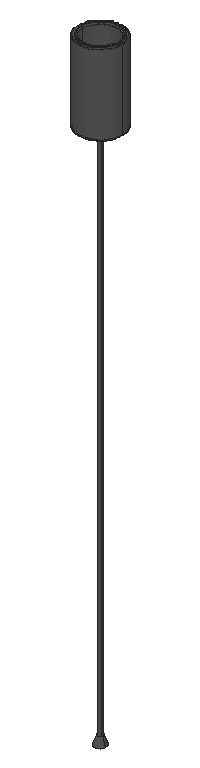
Revit family "CARLO CYLINDER LIGHT Pendant_ Surface", category Lighting Fixtures, host Face, Revit 2020 (continued)
Types (13): name | Wattage_Input | Wattage Comments | Wattage | built-in parameter 1150134 | Size 08 | Size 04 | Photometric Web File | built-in parameter 1150142 | Model | built-in parameter 1150105 | Lumens | built-in parameter 1150107 | built-in parameter 1150106 | Fixture Height | Fixture Diameter | BEAMING ANGLE | Apparent Load
     134.31 135.11 135.97 136.84 137.65 138.53 139.57 \r\n 140.83 142.37 144.24 146.45 149.09 152.29 156 160.12 164.97 170.75 \r\n 177.68 186.02 195.8 206.58 220.07 239.01 259.84 278.43 299.24 325.98 \r\n 356.8 391.37 428.86 468.46 509.9 552.37 596.66 643.6 692.2 741.84 \r\n 792.31 843.4 894.44 945 994.14 1040.7 1084.8 1126.1 1164.6 1200.4 \r\n 1233.2 1262.3 1289.4 1316.1 1341.8 1366.6 1389.5 1409.7 1426.9 1440.4 \r\n 1452.3 \r\n1448.4 1439 1423 1402.6 1379.4 1354.6 1328.4 1301.3 1273.9 1247.8 \r\n 1220.4 1190.1 1156.5 1118 1076 1030.9 983.32 933.96 883.59 832.99 \r\n 782.77 733.92 685.98 638.68 592.43 547.31 503.95 463.05 424.52 388.39 \r\n 354.96 324.4 297.12 273.94 253.79 235.82 220.15 206.64 195.15 185.59 \r\n 177.65 171.06 165.57 160.88 156.94 153.6 150.78 148.36 146.28 144.44 \r\n 142.85 141.52 140.35 139.27 138.24 137.19 136.16 135.19 134.27 133.36 \r\n 132.49 131.74 130.95 129.96 128.91 127.96 126.81 125.4 123.13 119.22 \r\n 114.26 108.6 102.26 95.294 87.962 80.545 73.029 65.492 57.948 50.354 \r\n 42.965 35.987 29.523 23.629 18.645 15.027 12.484 11.074 10.215 9.297 \r\n 8.451 7.5614 6.753 6.122 5.6399 5.3415 5.1343 4.9371 4.7502 4.5347 \r\n 4.3271 4.1573 4.0071 3.8722 3.7408 3.595 3.4487 3.3118 3.1785 3.0527 \r\n 2.9157 2.7357 2.5566 2.4249 2.3016 2.1595 2.0091 1.8453 1.6871 1.5626 \r\n 1.44 1.2855 1.1338 1.0155 0.90903 0.79933 0.69655 0.60517 0.52715 0.46839 \r\n 0.42152 0.38066 0.34726 0.32203 0.30128 0.28081 0.26293 0.24854 0.23757 0.23226 \r\n 0.22661 0.21656 0.20545 0.19527 0.18614 0.17995 0.17332 0.16149 0.15052 0.14711 \r\n 0.14461 0.13748 0.12916 0.12121 0.11374 0.10786 0.10203 0.094889 0.086989 0.077733 \r\n 0.069232 0.064584 0.060236 0.052499 0.044874 0.040553 0.036782 0.031726 0.025826 0.018401 \r\n 0.010985 0.0046214 0.000100 0 0 0 0 0 0 0 \r\n 0 0 0 0 0 0 0 0 0.000017 0.00068304 \r\n 0.0014071 0.0016458 0.0018859 0.002537 0.0032876 0.0030238 0.0045624 0.012051 0.020383 0.023442 \r\n 0.028405 0.044191 0.059454 0.06252 0.063292 0.069111 0.075979 0.082349 0.088205 0.092283 \r\n 0.096784 0.10438 0.1124 0.11842 0.12443 0.13193 0.13997 0.14831 0.15626 0.16217 \r\n 0.1686 0.1784 0.1891 0.19862 0.20861 0.21956 0.23358 0.25346 0.27777 0.30423 \r\n 0.3381 0.38204 0.44149 0.52804 0.62605 0.71985 0.82112 0.93783 1.0654 1.2088 \r\n 1.3474 1.4459 1.5531 1.7244 1.904 2.045 2.1771 2.3138 2.4571 2.6211 \r\n 2.7831 2.9187 3.047 3.1786 3.3154 3.4616 3.6212 3.8029 3.9967 4.1988 \r\n 4.3999 4.5626 4.7672 5.0079 5.5051 6.6114 7.9247 9.1589 10.318 11.284 \r\n 12.139 12.79 13.651 15.002 17.154 20.604 25.072 30.545 36.714 43.302 \r\n 50.203 57.188 64.339 71.686 79.158 86.767 94.289 101.63 108.41 114.2 \r\n 119 122.6 125.19 126.7 127.62 128.44 129.12 129.73 130.35 131.08 \r\n 131.84 132.59 133.35 134.15 134.98 135.84 136.72 137.53 138.42 139.48 \r\n 140.77 142.34 144.22 146.43 149.07 152.26 155.96 160.06 164.89 170.63 \r\n 177.52 185.82 195.54 206.22 219.49 237.88 258.31 277.31 298.62 325.34 \r\n 356 390.44 427.83 467.42 508.88 551.36 595.71 642.89 691.78 741.64 \r\n 792.24 843.29 894.21 944.56 993.55 1040.3 1084.6 1126.2 1165.1 1201.3 \r\n 1234.4 1263.7 1291 1317.9 1343.6 1367.7 1389.9 1409.7 1426.6 1439.9 \r\n 1452.3 \r\n1448.4 1439.9 1424.2 1404 1380.9 1355.9 1329.6 1303 1276.2 1250.3 \r\n 1223.2 1193.4 1160.2 1122 1080 1034.7 986.96 937.77 887.65 837.31 \r\n 787.23 738.24 690.04 642.41 595.87 550.75 507.44 466.49 427.81 391.35 \r\n 357.57 326.68 299.4 277.26 258.15 240.34 224.2 209.21 196.25 186.4 \r\n 178.51 171.77 166.16 161.43 157.46 154.06 151.18 148.74 146.65 144.79 \r\n 143.19 141.85 140.68 139.59 138.55 137.53 136.52 135.54 134.58 133.66 \r\n 132.79 132 131.18 130.21 129.17 128.18 126.99 125.61 123.42 119.56 \r\n 114.71 109.29 103.21 96.401 89.169 81.772 74.251 66.717 59.22 51.832 \r\n 44.602 37.521 30.836 24.64 19.383 15.679 13.124 11.719 10.872 9.9446 \r\n 9.0779 8.1625 7.3088 6.5913 6.0085 5.6117 5.317 5.0601 4.8349 4.6074 \r\n 4.3973 4.2164 4.0542 3.9073 3.7657 3.6143 3.4647 3.3253 3.1912 3.0675 \r\n 2.9334 2.7556 2.5764 2.4374 2.3077 2.1704 2.0248 1.8542 1.6889 1.5661 \r\n 1.4475 1.2953 1.1442 1.0217 0.91062 0.8016 0.69915 0.60213 0.5181 0.45739 \r\n 0.41057 0.37201 0.34067 0.31356 0.29089 0.27235 0.25659 0.24126 0.22907 0.22459 \r\n 0.21995 0.20871 0.19642 0.18708 0.17886 0.17171 0.1643 0.1542 0.14463 0.13922 \r\n 0.13447 0.12746 0.12001 0.11291 0.10626 0.10082 0.09546 0.089596 0.082375 0.071414 \r\n 0.060714 0.054721 0.049721 0.042682 0.036009 0.03164 0.027949 0.024032 0.019667 0.013825 \r\n 0.0080241 0.0033254 0.000073 0 0 0 0 0 0 0 \r\n 0 0 0 0 0 0 0 0 0.000053 0.0021697 \r\n 0.0044695 0.0052278 0.0059907 0.0080496 0.010443 0.011862 0.014639 0.022066 0.029958 0.033078 \r\n 0.037876 0.052514 0.066628 0.069406 0.070348 0.076834 0.084416 0.090907 0.096902 0.10181 \r\n 0.10701 0.11433 0.12187 0.12784 0.13378 0.14075 0.14831 0.15673 0.16496 0.1712 \r\n 0.1781 0.18881 0.20012 0.20893 0.21815 0.23018 0.2456 0.26596 0.29066 0.31814 \r\n 0.35283 0.39684 0.4555 0.539 0.63479 0.73167 0.83573 0.94881 1.0725 1.2173 \r\n 1.3585 1.4592 1.5668 1.7326 1.9075 2.0522 2.1881 2.3209 2.4588 2.6192 \r\n 2.7805 2.9231 3.0581 3.1864 3.3177 3.4604 3.6191 3.8069 4.0067 4.2059 \r\n 4.4042 4.5742 4.7848 5.0152 5.5068 6.6265 7.9777 9.3032 10.552 11.541 \r\n 12.414 13.143 14.07 15.388 17.513 21.053 25.614 31.098 37.235 43.733 \r\n 50.567 57.623 64.878 72.319 79.81 87.233 94.521 101.71 108.37 114.1 \r\n 118.85 122.35 124.84 126.32 127.24 128.09 128.81 129.45 130.09 130.82 \r\n 131.59 132.35 133.15 134.01 134.89 135.78 136.67 137.52 138.45 139.55 \r\n 140.87 142.48 144.39 146.57 149.18 152.36 156.05 160.13 164.92 170.66 \r\n 177.5 185.71 195.29 205.82 218.8 236.36 256.21 275.86 298 324.86 \r\n 355.42 389.67 426.85 466.35 507.82 550.49 595.08 642.38 691.41 741.6 \r\n 792.47 843.48 894.21 944.24 992.96 1039.7 1084.2 1126.3 1165.7 1202.2 \r\n 1235.7 1265.5 1293 1320.2 1345.8 1369.2 1390.5 1409.7 1426.3 1439.4 \r\n 1452.3 \r\n1448.4 1440.8 1425.7 1405.9 1382.9 1357.7 1331.3 1305.3 1279.2 1253.5 \r\n 1226.6 1197.3 1164.6 1126.5 1084.6 1039.1 991.37 942.36 892.51 842.42 \r\n 792.47 743.3 694.79 646.8 599.98 554.84 511.56 470.52 431.66 394.82 \r\n 360.64 329.34 302.03 280.99 262.96 245.21 228.46 211.95 197.5 187.34 \r\n 179.48 172.57 166.82 162.03 158.02 154.53 151.58 149.11 147.02 145.14 \r\n 143.53 142.18 141 139.9 138.86 137.87 136.89 135.88 134.89 133.98 \r\n 133.1 132.27 131.42 130.49 129.47 128.43 127.2 125.87 123.76 120.01 \r\n 115.31 110.14 104.3 97.66 90.538 83.192 75.691 68.149 60.682 53.498 \r\n 46.426 39.228 32.307 25.809 20.272 16.446 13.841 12.419 11.575 10.641 \r\n 9.7612 8.826 7.9286 7.1151 6.4168 5.9033 5.5054 5.1831 4.9185 4.6799 \r\n 4.4687 4.2769 4.1021 3.9418 3.7886 3.631 3.4781 3.3361 3.2015 3.0805 \r\n 2.9497 2.7746 2.5954 2.4485 2.3118 2.18 2.0397 1.8618 1.6885 1.568 \r\n 1.4539 1.3048 1.1545 1.0271 0.91094 0.80314 0.70149 0.59805 0.50713 0.44442 \r\n 0.39779 0.36142 0.332 0.3029 0.27825 0.26167 0.24814 0.23207 0.21877 0.21475 \r\n 0.21077 0.19842 0.18513 0.17679 0.16958 0.16136 0.1531 0.1451 0.13728 0.12963 \r\n 0.12227 0.11534 0.10882 0.10271 0.097063 0.092143 0.087294 0.082693 0.0761 0.063366 \r\n 0.050408 0.043042 0.037421 0.03124 0.025688 0.0213 0.017728 0.015106 0.012515 0.0086244 \r\n 0.0047921 0.0019379 0.000044 0 0 0 0 0 0 0 \r\n 0 0 0 0 0 0 0 0 0.000090 0.0036563 \r\n 0.0075319 0.0088099 0.010095 0.013554 0.017598 0.020789 0.024846 0.03202 0.039272 0.042495 \r\n 0.047148 0.060296 0.073015 0.075905 0.077462 0.084553 0.092657 0.099129 0.1052 0.11113 \r\n 0.11723 0.12424 0.13122 0.13713 0.14298 0.14944 0.15653 0.16486 0.17327 0.17989 \r\n 0.1874 0.19924 0.21133 0.21926 0.22749 0.2408 0.25787 0.27881 0.30408 0.33312 \r\n 0.36919 0.41359 0.47167 0.55243 0.64622 0.74618 0.85304 0.96276 1.0829 1.229 \r\n 1.3729 1.4766 1.5853 1.7453 1.9148 2.0625 2.2018 2.3309 2.4639 2.6208 \r\n 2.7811 2.9302 3.0711 3.1963 3.3223 3.4612 3.618 3.8095 4.0127 4.2076 \r\n 4.4024 4.5807 4.7963 5.0122 5.4849 6.5829 7.9332 9.3211 10.64 11.645 \r\n 12.536 13.343 14.338 15.632 17.742 21.392 26.065 31.554 37.653 44.071 \r\n 50.857 58.002 65.383 72.951 80.48 87.683 94.693 101.71 108.25 113.94 \r\n 118.65 122.05 124.44 125.89 126.82 127.72 128.48 129.17 129.84 130.57 \r\n 131.34 132.13 132.97 133.89 134.84 135.75 136.66 137.56 138.54 139.69 \r\n 141.05 142.71 144.65 146.82 149.39 152.55 156.23 160.3 165.08 170.81 \r\n 177.63 185.73 195.18 205.69 218.5 235.24 254.48 274.75 297.73 324.8 \r\n 355.36 389.43 426.41 465.81 507.3 550.26 595.16 642.56 691.68 742.19 \r\n 793.32 844.28 894.81 944.51 992.96 1039.6 1084.4 1126.9 1166.8 1203.7 \r\n 1237.5 1267.7 1295.6 1322.9 1348.3 1371 1391.4 1410 1426.1 1439.1 \r\n 1452.3 \r\n1448.4 1441.7 1427.2 1407.8 1385.1 1359.8 1333.3 1308 1282.5 1257 \r\n 1230.2 1201.4 1169.1 1131.2 1089.3 1043.9 996.05 947.22 897.6 847.75 \r\n 797.93 748.57 699.73 651.42 604.33 559.13 515.84 474.69 435.63 398.42 \r\n 363.85 332.12 304.73 284.66 267.59 249.79 232.43 214.55 198.77 188.33 \r\n 180.47 173.38 167.47 162.62 158.56 154.99 151.95 149.46 147.35 145.46 \r\n 143.82 142.47 141.29 140.17 139.13 138.17 137.23 136.19 135.17 134.26 \r\n 133.39 132.52 131.64 130.74 129.76 128.67 127.41 126.13 124.13 120.51 \r\n 115.98 111.03 105.41 98.921 91.914 84.644 77.185 69.635 62.184 55.182 \r\n 48.248 40.932 33.787 27.019 21.228 17.259 14.572 13.116 12.263 11.323 \r\n 10.436 9.4854 8.5475 7.6367 6.8195 6.1845 5.6796 5.2937 4.993 4.7449 \r\n 4.5342 4.3326 4.1462 3.9728 3.8079 3.6444 3.4882 3.3442 3.2093 3.0908 \r\n 2.9633 2.7909 2.6121 2.4578 2.3147 2.1881 2.0529 1.8676 1.6866 1.5685 \r\n 1.4592 1.3129 1.1636 1.0316 0.91078 0.80446 0.7038 0.59403 0.49629 0.43181 \r\n 0.38548 0.35095 0.32311 0.29223 0.26584 0.25094 0.23935 0.22276 0.20853 0.20457 \r\n 0.20085 0.18763 0.17367 0.16631 0.16005 0.15077 0.14171 0.13589 0.12989 0.12005 \r\n 0.1101 0.10318 0.097519 0.09241 0.087777 0.083374 0.078996 0.075509 0.069459 0.05514 \r\n 0.040173 0.031591 0.025453 0.020159 0.01572 0.011314 0.0078388 0.0064359 0.0055617 0.0037121 \r\n 0.0019105 0.00073677 0.000017 0 0 0 0 0 0 0 \r\n 0 0 0 0 0 0 0 0 0.00012158 0.0049499 \r\n 0.010197 0.011927 0.013668 0.018339 0.023825 0.028627 0.033817 0.040581 0.047087 0.050461 \r\n 0.055024 0.066542 0.07781 0.081209 0.083747 0.091288 0.099639 0.10596 0.11205 0.11904 \r\n 0.12612 0.13277 0.13914 0.14505 0.15091 0.15695 0.16359 0.1717 0.18012 0.18712 \r\n 0.1953 0.20836 0.22127 0.22825 0.23543 0.25006 0.26885 0.29034 0.31624 0.34711 \r\n 0.38494 0.43012 0.48808 0.56671 0.65897 0.76171 0.87113 0.97825 1.0955 1.2425 \r\n 1.3887 1.4962 1.6068 1.7614 1.9252 2.0747 2.2164 2.3429 2.4721 2.6258 \r\n 2.785 2.9388 3.0842 3.207 3.3287 3.4638 3.6177 3.8097 4.0133 4.2036 \r\n 4.3953 4.5824 4.8018 5.0009 5.4435 6.4871 7.7975 9.2118 10.573 11.592 \r\n 12.506 13.382 14.443 15.738 17.864 21.646 26.447 31.953 38.026 44.394 \r\n 51.158 58.394 65.899 73.603 81.176 88.153 94.875 101.71 108.12 113.77 \r\n 118.45 121.74 124.02 125.44 126.39 127.34 128.18 128.91 129.61 130.35 \r\n 131.12 131.94 132.82 133.81 134.83 135.76 136.7 137.65 138.69 139.9 \r\n 141.31 143.02 144.99 147.15 149.7 152.85 156.52 160.58 165.36 171.12 \r\n 177.94 185.93 195.3 205.97 218.81 234.84 253.5 274.28 297.97 325.34 \r\n 356 389.96 426.78 466.1 507.65 550.95 596.23 643.7 692.88 743.68 \r\n 795.04 845.93 896.25 945.68 993.9 1040.6 1085.4 1128.4 1168.9 1206 \r\n 1239.9 1270.5 1298.7 1326 1351.1 1373.1 1392.7 1410.7 1426.3 1438.9 \r\n 1452.3 \r\n1448.4 1442.5 1428.5 1409.7 1387.3 1361.9 1335.4 1310.7 1285.9 1260.5 \r\n 1233.8 1205.3 1173.4 1135.7 1093.8 1048.3 1000.5 951.82 902.37 852.74 \r\n 803.04 753.5 704.39 655.81 608.49 563.21 519.84 478.56 439.3 401.78 \r\n 366.87 334.76 307.22 287.82 271.4 253.48 235.58 216.68 199.94 189.26 \r\n 181.38 174.12 168.05 163.14 159.04 155.38 152.27 149.75 147.63 145.71 \r\n 144.06 142.7 141.52 140.38 139.33 138.4 137.48 136.43 135.39 134.48 \r\n 133.61 132.71 131.8 130.93 129.99 128.87 127.59 126.36 124.46 120.98 \r\n 116.62 111.84 106.39 100.04 93.142 85.968 78.575 71.023 63.58 56.713 \r\n 49.878 42.457 35.129 28.156 22.163 18.048 15.255 13.747 12.872 11.926 \r\n 11.036 10.074 9.1005 8.0996 7.1717 6.4234 5.8201 5.3797 5.0503 4.7955 \r\n 4.5862 4.3777 4.1821 3.9971 3.8218 3.6532 3.4946 3.3492 3.2145 3.098 \r\n 2.9729 2.803 2.6247 2.4649 2.3168 2.1943 2.0629 1.8714 1.6841 1.568 \r\n 1.4628 1.3192 1.1707 1.0353 0.9109 0.80605 0.70633 0.59117 0.48763 0.42188 \r\n 0.37597 0.34316 0.31586 0.28375 0.25614 0.24233 0.23201 0.21512 0.20022 0.19585 \r\n 0.19198 0.17829 0.16411 0.15756 0.152 0.14181 0.13211 0.12825 0.12389 0.1122 \r\n 0.10004 0.093055 0.088055 0.0838 0.080041 0.07605 0.072026 0.069378 0.063746 0.048286 \r\n 0.031869 0.022409 0.015933 0.011424 0.0079181 0.0034582 0 0 0 0 \r\n 0 0 0 0 0 0 0 0 0 0 \r\n 0 0 0 0 0 0 0 0 0.00014389 0.0058582 \r\n 0.012068 0.014115 0.016175 0.021693 0.028196 0.034193 0.040185 0.046415 0.052165 0.055741 \r\n 0.060308 0.070263 0.080213 0.08451 0.088317 0.096061 0.1043 0.11033 0.11637 0.12436 \r\n 0.13235 0.13861 0.14437 0.15038 0.15639 0.16218 0.16847 0.1762 0.18445 0.19178 \r\n 0.2006 0.21479 0.22849 0.23456 0.24077 0.25661 0.27697 0.29888 0.32533 0.35804 \r\n 0.39783 0.44428 0.50278 0.58025 0.67166 0.7766 0.8881 0.99386 1.1094 1.2567 \r\n 1.4045 1.5163 1.6297 1.7797 1.9381 2.0876 2.2302 2.3557 2.4833 2.6344 \r\n 2.7918 2.9479 3.0956 3.2174 3.3365 3.4682 3.6183 3.8066 4.0069 4.1937 \r\n 4.3841 4.5796 4.8012 4.9832 5.3868 6.3455 7.5769 8.9743 10.345 11.381 \r\n 12.326 13.25 14.369 15.708 17.901 21.835 26.782 32.331 38.413 44.778 \r\n 51.554 58.868 66.468 74.293 81.908 88.68 95.137 101.78 108.05 113.65 \r\n 118.29 121.45 123.63 125.03 126 127 127.9 128.69 129.42 130.17 \r\n 130.95 131.8 132.72 133.77 134.84 135.82 136.79 137.79 138.9 140.16 \r\n 141.63 143.39 145.4 147.55 150.09 153.24 156.91 160.99 165.8 171.61 \r\n 178.46 186.36 195.71 206.79 219.93 235.48 253.66 274.74 298.92 326.65 \r\n 357.55 391.49 428.22 467.52 509.17 552.88 598.57 646.12 695.32 746.34 \r\n 797.87 848.67 898.8 948.03 996.1 1042.7 1087.8 1131.2 1172.1 1209.2 \r\n 1243.3 1274 1302.4 1329.5 1354.3 1375.6 1394.5 1411.8 1426.8 1439 \r\n 1452.3 \r\n1448.4 1442.2 1428.3 1409.8 1387.7 1362.5 1336.2 1311.6 1287 1261.6 \r\n 1234.8 1206.4 1174.5 1136.5 1094.3 1048.8 1001.1 952.3 902.8 853.26 \r\n 803.7 754.29 705.28 656.78 609.43 563.86 520.19 478.79 439.53 402.19 \r\n 367.45 335.34 307.48 286.97 269.49 251.33 233.72 215.78 200 189.44 \r\n 181.41 174.1 167.99 163.06 158.97 155.32 152.21 149.7 147.58 145.65 \r\n 143.98 142.62 141.44 140.28 139.2 138.27 137.35 136.3 135.26 134.36 \r\n 133.48 132.56 131.63 130.76 129.83 128.78 127.56 126.35 124.45 121 \r\n 116.65 111.8 106.28 99.96 93.145 86.104 78.842 71.361 63.932 56.98 \r\n 50.049 42.608 35.306 28.441 22.535 18.358 15.47 13.912 13.006 12.051 \r\n 11.159 10.191 9.2037 8.1635 7.1928 6.4152 5.794 5.3549 5.0331 4.7802 \r\n 4.5733 4.3707 4.1801 3.9943 3.8168 3.6482 3.4905 3.3482 3.2156 3.0961 \r\n 2.9674 2.7965 2.6195 2.4657 2.3227 2.1965 2.0602 1.8691 1.6831 1.5671 \r\n 1.4614 1.316 1.1671 1.0368 0.91758 0.81274 0.71206 0.5979 0.49582 0.43181 \r\n 0.38693 0.35201 0.32373 0.29368 0.26789 0.25184 0.23881 0.22184 0.20708 0.20096 \r\n 0.19563 0.1833 0.17075 0.16375 0.15743 0.14735 0.13792 0.13413 0.12986 0.11846 \r\n 0.10648 0.099165 0.093722 0.089253 0.085281 0.080915 0.076506 0.073367 0.067718 0.053652 \r\n 0.038862 0.030303 0.02428 0.019649 0.015711 0.010802 0.006678 0.0049795 0.0043893 0.0044241 \r\n 0.004222 0.0021224 0.000039 0 0 0 0 0 0 0 \r\n 0 0 0 0 0 0 0 0 0.00011812 0.0048308 \r\n 0.0099099 0.011437 0.012957 0.017392 0.022695 0.027622 0.032683 0.038158 0.043484 0.047335 \r\n 0.052282 0.061883 0.071867 0.078181 0.083731 0.090518 0.097208 0.10257 0.10829 0.11651 \r\n 0.12468 0.1302 0.1354 0.14217 0.14918 0.15551 0.16188 0.16868 0.17596 0.18327 \r\n 0.19242 0.20708 0.22113 0.22681 0.23271 0.24876 0.26931 0.29072 0.31684 0.35004 \r\n 0.39119 0.44062 0.50238 0.58223 0.67534 0.78049 0.89255 1.0022 1.1209 1.2653 \r\n 1.4108 1.5286 1.6483 1.7984 1.9536 2.0956 2.2328 2.3649 2.5001 2.6504 \r\n 2.8034 2.951 3.0923 3.2196 3.3448 3.4747 3.6168 3.7843 3.967 4.1595 \r\n 4.3608 4.566 4.7825 4.9375 5.266 6.0452 7.0749 8.2992 9.5626 10.653 \r\n 11.684 12.569 13.7 15.293 17.791 21.924 27.054 32.821 39.118 45.696 \r\n 52.609 59.865 67.362 75.176 82.789 89.542 95.936 102.42 108.5 113.94 \r\n 118.44 121.44 123.48 124.86 125.85 126.87 127.79 128.6 129.37 130.16 \r\n 130.98 131.87 132.83 133.89 134.98 136 137.02 138.07 139.22 140
